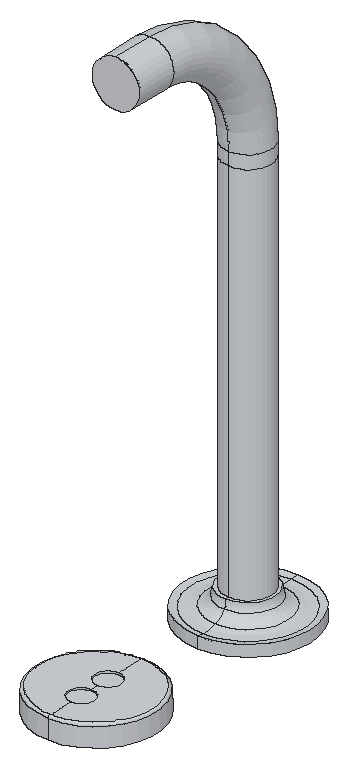
Revit family "Faucet-Wall_Mount-KOHLER-Purist-K-T11839", category Plumbing Fixtures, host Face, Revit 2015
Parameters (values of type "CP-Polished Chrome")
  Width = 1 251/256"  # constant formula
  Waste Water Outlet = "Waste Water Outlet"  # constant formula
  Waste Connection = no
  Vent Connection = no
  URL = "https://www.us.kohler.com/us/"
  Type = 1
  Spout Reach = 8 159/256"  # constant formula
  Product Page URL = "http://www.us.kohler.com/us/catalog/productDetails.jsp?productNumber=T11839"
  Product Name = "Purist"  # constant formula
  Product Documentation Link = "https://www.us.kohler.com/webassets/kpna/catalog/pdf/en/1114829_4.pdf"
  Pressure = 0.00 psi
  Model = if(Type = 1, "K-T11839-CP", if(Type = 2, "K-T11839-VS", "NA"))  # "K-T11839-CP"
  Material = "Brass construction"  # constant formula
  MasterFormat 2004 = "22.41.39"  # constant formula
  MasterFormat 1995 = "15410"  # constant formula
  Manufacturer Address = "444 Highland Dr, Kohler, WI 53044"  # constant formula
  Manufacturer = "KOHLER Co."  # constant formula
  Length = 9 3/32"  # constant formula
  Hot Water Inlet = "Hot Water Inlet"  # constant formula
  Height = 4 239/256"  # constant formula
  HW Connection = yes
  Flow Rate = 0.5 GPM  # constant formula
  Finish = Kohler-Metal-CP-Polished_Chrome
  Faucet Hole Spacing = 0"
  Environmental Product Declaration = ""
  Description = "Wall-mount commercial bathroom sink faucet trim with 9Inch 90-degree spout and Insight™ technology"  # constant formula
  Default Elevation = 36"
  Declare Label = ""
  Date Modified = "01/10/2018"  # constant formula
  Date Created = "01/10/2018"  # constant formula
  Copyright = "Copyright KOHLER Co."  # constant formula
  Contact Us = "https://www.us.kohler.com/us/static/contact.jsp"
  Cold Water Inlet = "Cold Water Inlet"  # constant formula
  CW Connection = yes
  Assembly Code = "D2020"
  ADA Compliant = yes
Types (3): name | Type | Model | Finish
  (no name) | 1 | "K-T11839-CP" | Kohler-Metal-CP-Polished_Chrome
  CP-Polished Chrome | 1 | "K-T11839-CP" | Kohler-Metal-CP-Polished_Chrome
  VS-Stainless Steel | 2 | "K-T11839-VS" | Kohler-Metal-VS-Vibrant_Stainless
Reference planes (in)
  plane 1 "Center (Front/Back)": y = 0
  plane 2: z = 0
  plane 3 "Center (Left/Right)": x = 0
  plane 4: y = 0.99
  plane 5: y = -3.94359
  plane 6: x = -0.98963
  plane 7: x = 0.99084
  plane 8: z = 8.62109
  plane 9: z = 9.09375
Dimensions and locks (in)
  "Height": plane 4 to plane 5
  "Width": plane 6 to plane 7
  "Spout Reach": plane 8 to plane 2
  "Length": plane 9 to plane 2
  aligned and locked: plane 2 to host face
  aligned and locked: level to host face
Automatic sketch dimensions
  host sketch curve to host sketch curve = 96"  (x2)
Nested families (in)
  nested 1: "K-T11839" at (0, 0, 0), type "K-T11839"
Connectors (in)
  piping at (0, 0, 0), diameter 0.375, driven by "Flow Rate", driven by "HW Connection"
    settings: on nested 1, index 1, connector inside diameter 24", connector length 0", flow factor 0, pipe flow 0.5 GPM, pressure drop 0.00 psi, fitting loss kfactor 0, connector angle 0.00°, fixture units 0, engagement length 0", angle of deflection 0.00°, flow configuration 1, flow direction 1, fitting loss method 0, system type 19, joint type 0, gender type 0, connector reference index -1, connector utility 1, adjustable connector no, is connector primary yes, connector description "Tempered Water Inlet"
Definition of nested family "K-T11839"
  Parameters (values of type "K-T11839")
    Material = none
  Reference planes (in)
    plane 1 "Center (Front/Back)": y = 0
    plane 2: z = 0
    plane 3 "Center (Left/Right)": x = 0
  Forms (in)
    Revolve 1, solid, material <- "Material"
      sketch origin (0, 0, 0) x (0, 1, 0) y (0, 0, 1)
        loop
          line (0, 0) -> (0.99, 0) -> (0.99, 0.18032)
          arc (0.99, 0.18032) -> (0.93502, 0.16859) -> (0.87912, 0.16269) r 0.53519
          arc (0.87912, 0.16269) -> (0.75379, 0.16668) -> (0.63091, 0.1917) r 0.74309
          arc (0.63091, 0.1917) -> (0.5333, 0.24299) -> (0.4631, 0.32803) r 0.27961
          arc (0.4631, 0.32803) -> (0.4384, 0.39197) -> (0.43, 0.46) r 0.27961
          line (0.43, 0.46) -> (0.375, 0.46) -> (0.375, 6.56805) -> (0, 6.56805) -> (0, 0)
        axis (0, 6.56805) -> (0, 0)
      angle from 0 to 360
    Sweep 2, solid, material <- "Material"
      path origin (0, 0, 0) x (0, 1, 0) y (0, 0, 1)
        loop
          line (0, 6.56805) -> (0, 6.77943)
          arc (0, 6.77943) -> (-0.56794, 8.15056) -> (-1.93907, 8.7185) r 1.93907
          line (-1.93907, 8.7185) -> (-2.605, 8.7185)
      profile origin (0, 0, 6.67374) x (0, -1, 0) y (1, 0, 0)
        loop
          circle (0, 0) r 0.375
    Revolve 3, solid, material <- "Material"
      sketch origin (0, 0, 0) x (0, 1, 0) y (0, 0, 1)
        loop
          line (-3, 0) -> (-2.05512, 0) -> (-2.0604, 0.30274)
          arc (-2.0604, 0.30274) -> (-2.0725, 0.33091) -> (-2.10088, 0.34252) r 0.04048
          line (-2.10088, 0.34252) -> (-3, 0.34252) -> (-3, 0)
        axis (-3, 0.34252) -> (-3, 0)
      angle from 0 to 360
    Extrusion 4, void
      sketch origin (0, 0, 0) x (1, 0, 0) y (0, 1, 0)
        loop
          circle (0.00065, -2.7641) r 0.20619
        loop
          circle (0.00065, -3.29362) r 0.20619
      from 0.32283 to 0.34252
  Cuts and joins
    Extrusion 4 cuts Revolve 3
    joined: Revolve 1, Sweep 2, Revolve 3
  Lines and regions (in)
    Masking region 1
      outline origin (0, 0, 0) x (1, 0, 0) y (0, 0, 1)
        loop
          line (-0.375, 8.7185) -> (-0.375, 0.46) -> (-0.43, 0.46)
          arc (-0.43, 0.46) -> (-0.43681, 0.39974) -> (-0.45691, 0.34252) r 0.26991
          line (-0.45691, 0.34252) -> (-0.93661, 0.34252) -> (-0.94053, 0.18034) -> (-0.98963, 0.18034) -> (-0.98963, 0) -> (0.98963, 0) -> (0.98963, 0.18034) -> (0.94053, 0.18034) -> (0.93661, 0.34252) -> (0.45691, 0.34252)
          arc (0.45691, 0.34252) -> (0.43681, 0.39974) -> (0.43, 0.46) r 0.26991
          line (0.43, 0.46) -> (0.375, 0.46) -> (0.375, 8.7185)
          arc (0.375, 8.7185) -> (0, 9.0935) -> (-0.375, 8.7185) r 0.375
    Masking region 2
      outline origin (0, 0, 0) x (0, 1, 0) y (0, 0, 1)
        loop
          line (-2.605, 9.0935) -> (-2.605, 8.3435) -> (-1.93788, 8.3435)
          arc (-1.93788, 8.3435) -> (-0.83275, 7.88574) -> (-0.37499, 6.78061) r 1.56289
          line (-0.37499, 6.78061) -> (-0.37499, 0.46) -> (-0.43, 0.46)
          arc (-0.43, 0.46) -> (-0.4981, 0.27585) -> (-0.66964, 0.18032) r 0.28303
          line (-0.66964, 0.18032) -> (-0.99, 0.18032) -> (-0.99, 0) -> (0.99, 0) -> (0.99, 0.18032) -> (0.66964, 0.18032)
          arc (0.66964, 0.18032) -> (0.4981, 0.27585) -> (0.43, 0.46) r 0.28303
          line (0.43, 0.46) -> (0.37503, 0.46) -> (0.37503, 6.77931)
          arc (0.37503, 6.77931) -> (-0.30278, 8.41569) -> (-1.93916, 9.0935) r 2.31419
          line (-1.93916, 9.0935) -> (-2.605, 9.0935)
        loop
          line (-2.05512, 0) -> (-2.06041, 0.30306)
          arc (-2.06041, 0.30306) -> (-2.07241, 0.331) -> (-2.10056, 0.34252) r 0.04016
          line (-2.10056, 0.34252) -> (-3.89944, 0.34252)
          arc (-3.89944, 0.34252) -> (-3.92759, 0.331) -> (-3.93959, 0.30306) r 0.04016
          line (-3.93959, 0.30306) -> (-3.94488, 0) -> (-2.05512, 0)
    Masking region 3
      outline origin (0, 0, 0) x (1, 0, 0) y (0, 1, 0)
        loop
          arc (0, 0.99) -> (-0.97138, 0.19109) -> (-0.375, -0.91623) r 0.99
          line (-0.375, -0.91623) -> (-0.375, -2.13272)
          arc (-0.375, -2.13272) -> (-0.92528, -3.19147) -> (0, -3.94488) r 0.94488
          arc (0, -3.94488) -> (0.92528, -3.19147) -> (0.375, -2.13272) r 0.94488
          line (0.375, -2.13272) -> (0.375, -0.91623)
          arc (0.375, -0.91623) -> (0.97138, 0.19109) -> (0, 0.99) r 0.99
    symbolic lines, detail levels medium+fine
      curve 1: line (-0.45691, 0, 0.34252) -> (0.45691, 0, 0.34252)
      curve 2: line (-0.375, 0, 0.46) -> (0.375, 0, 0.46)
      curve 3: arc (0.375, 0, 8.7185) -> (0, 0, 8.3435) -> (-0.375, 0, 8.7185) r 0.375
      curve 4: line (-0.94053, 0, 0.18034) -> (-0.94053, 0, 0)
      curve 5: line (0.94053, 0, 0.18034) -> (0.94053, 0, 0)
      curve 6: line (0, 0.66964, 0.18032) -> (0, -0.66964, 0.18032)
      curve 7: line (0, 0.37503, 0.46) -> (0, -0.37499, 0.46)
      curve 8: arc (0, 0.43, 0) -> (0.37107, 0.21728, 0) -> (0.375, -0.21042, 0) r 0.43
      curve 9: arc (-0.375, -0.21042, 0) -> (-0.37107, 0.21728, 0) -> (0, 0.43, 0) r 0.43
      curve 10: arc (0, 0.375, 0) -> (-0.26517, 0.26517, 0) -> (-0.375, 0, 0) r 0.375
      curve 11: arc (0.375, 0, 0) -> (0.26517, 0.26517, 0) -> (0, 0.375, 0) r 0.375
      curve 12: line (-0.375, -2.605, 0) -> (0.375, -2.605, 0)
      curve 13: line (-0.375, -2.605, 0) -> (-0.375, 0, 0)
      curve 14: line (0.375, -2.605, 0) -> (0.375, 0, 0)
      curve 15: circle (0.00065, -3.29362, 0) r 0.20619 normal (0, 0, 1)
      curve 16: arc (-0.13049, -2.605, 0) -> (0.00065, -2.97029, 0) -> (0.1318, -2.605, 0) r 0.20619
  Dimensions and locks (in)
    aligned and locked: plane 2 to level
